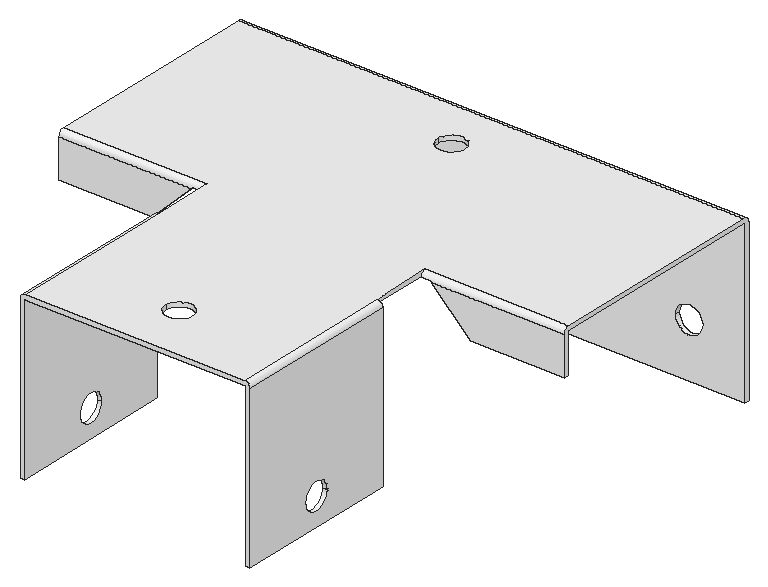
Revit family "newsq-tclip", category 機械設備, Revit 2022
Family settings
  丸型コネクタ寸法 = 直径を使用
  種別 = なし
  パーツ タイプ = 標準
  作業面ベース = いいえ
  常に垂直 = はい
  ロード時にボイドで切り取り = いいえ
  注釈の向きを維持 = いいえ
  共有 = いいえ
  部屋計算ポイント = いいえ
Parameters
  製造元 = "株式会社桐井製作所"
  既定の高さ = 0 mm
  URL = "https://www.kirii.co.jp/"
  K_材質 = "溶融亜鉛めっき鋼板"
  K_品名 = "新SQ-Tクリップ"
  K_名称 = "SQ-BAR関連部材"
  K_入数 = "130"
  K_バージョン情報 = "20210524"
Reference planes
  plane 1 "中心(正面/背面)": y = 0
  plane 2: z = 0
  plane 3 "中心(左/右)": x = 0
Forms (mm)
  Extrusion 1, solid
    sketch origin (0, 0, 0) x (0, 1, 0) y (0, 0, 1)
      loop
        line (0.8, -7.2) -> (0.8, 0) -> (40.8, 0) -> (40.8, -29.2) -> (41.6, -29.2) -> (41.6, -0.2)
        arc (41.6, -0.2) -> (41.307, 0.507) -> (40.6, 0.8) r 1
        line (40.6, 0.8) -> (1, 0.8)
        arc (1, 0.8) -> (0.293, 0.507) -> (0, -0.2) r 1
        line (0, -0.2) -> (0, -7.2) -> (0.8, -7.2)
    from -45.75 to 45.75
  Extrusion 2, solid
    sketch origin (0, 0, 0) x (1, 0, 0) y (0, 0, 1)
      loop
        line (-20, -29.2) -> (-20, 0) -> (20, 0) -> (20, -29.2) -> (20.8, -29.2) -> (20.8, -0.2)
        arc (20.8, -0.2) -> (20.507, 0.507) -> (19.8, 0.8) r 1
        line (19.8, 0.8) -> (-19.8, 0.8)
        arc (-19.8, 0.8) -> (-20.507, 0.507) -> (-20.8, -0.2) r 1
        line (-20.8, -0.2) -> (-20.8, -29.2) -> (-20, -29.2)
    from 40 to 10
  Extrusion 3, solid
    sketch origin (0, 0, 0) x (1, 0, 0) y (0, 0, 1)
      loop
        line (-19.773, 0) -> (19.661, 0) -> (19.661, 0.8) -> (-19.773, 0.8) -> (-19.773, 0)
    from 10 to -1.03
  Extrusion 4, void
    sketch origin (0, 0, 0) x (1, 0, 0) y (0, 0, 1)
      loop
        line (21.6, 0) -> (-21.6, 0) -> (-28.8, -7.2) -> (28.8, -7.2) -> (21.6, 0)
    from 0.162 to -0.8
  Extrusion 5, void
    sketch origin (0, 0, 0) x (0, 1, 0) y (0, 0, 1)
      loop
        circle (-25, -24.2) r 2.5
    from 20.8 to 20
  Extrusion 6, void
    sketch origin (-25.8, 0, 0) x (0, 1, 0) y (0, 0, 1)
      loop
        circle (-25, -24.2) r 2.5
    from 5.8 to 5
  Extrusion 7, void
    sketch origin (0, 0, 0) x (1, 0, 0) y (0, 0, 1)
      loop
        circle (-35.75, -24.2) r 2.5
      loop
        circle (35.75, -19.2) r 2.5
    from -40.8 to -41.6
  Extrusion 8, void
    sketch origin (0, 0, 0) x (1, 0, 0) y (0, 1, 0)
      loop
        circle (0, 31.6) r 2.5
      loop
        circle (0, -30) r 2.5
    from 0.8 to 0
Cuts and joins
  Extrusion 4, Extrusion 6, Extrusion 7, Extrusion 8 cuts Extrusion 1
  Extrusion 4, Extrusion 5, Extrusion 6, Extrusion 8 cuts Extrusion 2
  Extrusion 4, Extrusion 6, Extrusion 8 cuts Extrusion 3
  joined: Extrusion 1, Extrusion 2, Extrusion 3
Dimensions and locks
  aligned and locked: level to plane 2
